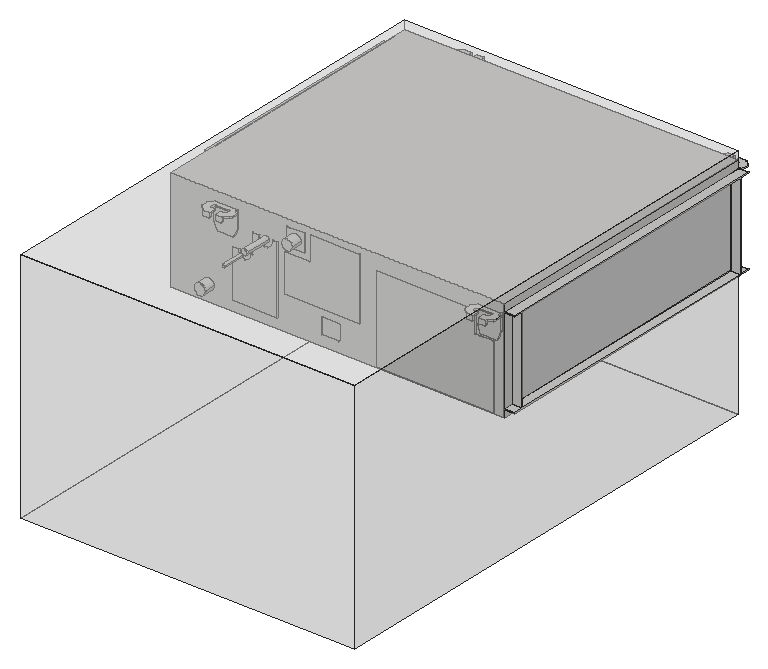
Revit family "outputfile", category 機械設備, Revit 2024
Family settings
  丸型コネクタ寸法 = 半径を使用
  パーツ タイプ = 標準
  OmniClass 番号 = 23.75.10.24.21.27.27
  OmniClass タイトル = Split System Air Conditioning Units
  作業面ベース = いいえ
  常に垂直 = はい
  ロード時にボイドで切り取り = いいえ
  注釈の向きを維持 = いいえ
  共有 = いいえ
  部屋計算ポイント = はい
Parameters (values of type "FXSA40AVM4")
  製造元 = "Daikin"
  書き出し IFC クラス(タイプ) = "IfcUnitaryEquipmentType"
  定義済み IFC タイプ(タイプ) = "AIRCONDITIONINGUNIT"
  モデル = "FXSA40AVM4"
  switch_frequency = yes
  r_Liquid Pipe Size = Liquid Pipe Size / 2  # 3.2 mm
  r_Gas Pipe Size = Gas Pipe Size / 2  # 6.35 mm
  r_Drain Pipe Size = Drain Pipe Size / 2  # 12.5 mm
  lw_power = 770.0 mm
  lh_SA = 138.0 mm
  lw_SA = if(Width = 550.0 mm, 225.0 mm, if(Width = 700.0 mm, 300.0 mm, if(Width = 1000.0 mm, 450.0 mm, if(Width = 1400.0 mm, 650.0 mm, 725.0 mm))))  # 300.0 mm
  lw_RA = if(Width = 550.0 mm, 275.0 mm, if(Width = 700.0 mm, 349.0 mm, if(Width = 1000.0 mm, 499.0 mm, if(Width = 1400.0 mm, 699.0 mm, 775.0 mm))))  # 349.0 mm
  lh_power = 60.0 mm + [h***]  # 60.0 mm
  lh_mountinghole1 = lh_mountinghole + [h***]  # 222.0 mm
  lh_RA = 123.0 mm
  ld_power = Width / 2  # 350.0 mm
  connector_voltage = Voltage_50Hz  # 220 V
  connector_powerinput = [Power Input (Cooling)]  # 0.101 kW
  connector_phase = Phase_50Hz  # 1
  Voltage_comment_60Hz = "220"
  Voltage_comment_50Hz = "220-240"
  Voltage_60Hz = 220 V
  Voltage_50Hz = 220 V
  Total Heating Capacity [instance] = 0.000 kW
  Supply Air Direction [instance] = yes
  Sound Power Level_H speed (dB) = 64
  Power Input (Heating) = 0.096 kW
  Phase_60Hz = 1
  Phase_50Hz = 1
  Nominal Heating Capacity = 5.000 kW
  Minimum External Static Pressure = 30.00 Pa
  Minimum Circuit Amps_60Hz = 1.5 A
  Minimum Circuit Amps_50Hz = 1.5 A
  Maximum Fuse Amps_60Hz = 16.0 A
  Maximum Fuse Amps_50Hz = 16.0 A
  Maximum External Static Pressure = 150.00 Pa
  Material_Casing = DAIKIN_GalvanizedSteel_Casing_indoorunit
  lw_mountinghole = 630.0 mm
  lh_gaspipe = 183.0 mm + [h***]  # 183.0 mm
  lh_mountinghole = 222.0 mm
  lh_liquidpipe = 136.0 mm + [h***]  # 136.0 mm
  lh_drainpipe = 207.0 mm + [h***]  # 207.0 mm
  lh_antena = Height - lh_mountinghole + 1.0 mm  # 24.0 mm
  ld_drainpipe = Width / 2 + 26.0 mm  # 376.0 mm
  ld_liquidpipe = 414.0 mm
  ld_gaspipe = Width / 2 + 65.0 mm  # 415.0 mm
  ld_mountinghole = Width + 38.0 mm  # 738.0 mm
  h*** = 0.0 mm
  lw_liquidpipe = 179.0 mm
  lw_gaspipe = 229.0 mm
  lw_drainpipe = 300.0 mm
  Width = 700.0 mm
  Version = "ver.1.0"
  Unit Type = "Duct_M.S.P."
  Unit Mass Weight = 27.00 kg
  Unit Designation [instance] = ""
  Uniclass2015Version = "Products v1.30"
  Uniclass2015Title = "Variable refrigerant flow units"
  Uniclass2015Code = "Pr_70_65_03_94"
  Total Cooling Capacity [instance] = 0.000 kW
  Sound Pressure Level_M speed (dBA) = 33
  Sound Pressure Level_L speed (dBA) = 30
  Sound Pressure Level_H speed (dBA) = 36
  Series = "VRV Fan Coil Unit"
  Sensible Cooling Capacity [instance] = 0.000 kW
  SA Duct Size Width = 492.0 mm
  SA Duct Size Height = 176.0 mm
  Refrigerant Type = "R32"
  RA Duct Size Width = 654.0 mm
  RA Duct Size Height = 208.0 mm
  Power Input (Cooling) = 0.101 kW
  Option Accessory 3 [instance] = ""
  Option Accessory 2 [instance] = ""
  Option Accessory 1 [instance] = ""
  Nominal Cooling Capacity = 4.500 kW
  Minimum Airflow = 630.00 m³/h
  Median Airflow = 750.00 m³/h
  Maximum Airflow = 900.00 m³/h
  Load Classification = HVAC
  Liquid Pipe Size = 6.4 mm
  Link_Nested Family [instance] = ""
  IfcVersion = ""
  IfcExportType = "AIRCONDITIONINGUNIT"
  IfcExportAs = "IfcUnitaryEquipmentType"
  Height = 245.0 mm
  Heating Entering Wet Bulb Temperature [instance] = -273.15 °C
  Heating Entering Dry Bulb Temperature [instance] = -273.15 °C
  Heating Ambient Wet Bulb Temperature [instance] = -273.15 °C
  Heating Ambient Dry Bulb Temperature [instance] = -273.15 °C
  Heat Exchanger Type = "Cross Fin Coil"
  Gas Pipe Size = 12.7 mm
  Frequency_60Hz = 60 Hz
  Frequency_50Hz = 50 Hz
  Fan Type = "Sirocco Fan"
  Fan Drive = "Direct Drive"
  FCU Tag No. [instance] = ""
  Drain Pipe Size = 25.0 mm
  Design Supply Airflow [instance] = 0.00 m³/h
  Design Return Airflow [instance] = 0.00 m³/h
  Design External Static Pressure [instance] = 0.00 Pa
  Depth = 800.0 mm
  既定の高さ = 0.0 mm
  Cooling Entering Wet Bulb Temperature [instance] = 0.00 °C
  Cooling Entering Dry Bulb Temperature [instance] = 0.00 °C
  Cooling Ambient Wet Bulb Temperature [instance] = 0.00 °C
  Cooling Ambient Dry Bulb Temperature [instance] = 0.00 °C
  Clearance visibility [instance] = yes
  Clearance Top = 20.0 mm
  Clearance Right = 0.0 mm
  Clearance Rear = 0.0 mm
  Clearance Left = 0.0 mm
  Clearance Front = 450.0 mm
  Clearance Bottom = 300.0 mm
Reference planes
  plane 1 "Center (Front/Back)": y = 0
  plane 2 "h": z = 0
  plane 3 "Center (Left/Right)": x = 0
  plane 4 "Back": y = 350
  plane 5 "Front": y = -350
  plane 6 "Left": x = -400
  plane 7 "Right": x = 400
  plane 8 "Top": z = 0
  plane 9 "Bottom": z = -245
  plane 10: y = -215
  plane 11: y = 350
  plane 12: y = -800
  plane 13: x = -400
  plane 14: x = 400
  plane 15: z = 20
  plane 16: z = -545
  plane 17: x = -400
  plane 18: x = -399
  plane 19: x = 399
  plane 20: y = 50
  plane 21: y = -1
  plane 22: z = -122
  plane 23: y = -351
  plane 24: z = -109
  plane 25: x = -221
  plane 26: y = -415
  plane 27: z = -62
  plane 28: x = -171
  plane 29: y = -376
  plane 30: z = -38
  plane 31: x = -100
  plane 32: x = -100
  plane 33: x = -221
  plane 34: x = -171
  plane 35: x = 370
  plane 36: x = -266
  plane 37: x = 364
  plane 38: y = -369
  plane 39: y = 369
  plane 40: z = -23
  plane 41: z = -107
  plane 42: y = -414
  plane 43: z = -207
  plane 44: x = -309
  plane 45: y = -376
  plane 46: x = -251
  plane 47: x = -203
  plane 48: x = -144
  plane 49: z = -59
  plane 50: z = -106
  plane 51: z = -221
  plane 52: z = -109
  plane 53: x = -221
  plane 54: z = -62
  plane 55: x = -171
  plane 56: z = -17
  plane 57: z = -59
  plane 58: x = -121
  plane 59: x = -79
  plane 60: x = -125
  plane 61: x = -64
  plane 62: x = 53
  plane 63: z = -164
  plane 64: z = -73
  plane 65: z = -16
  plane 66: x = 93.5
  plane 67: x = 374.5
  plane 68: x = 330
  plane 69: z = -88.5
  plane 70: z = -38
  plane 71: z = -242.5
  plane 72: x = -38.5
  plane 73: x = 6.5
  plane 74: z = -181
  plane 75: z = -221
  plane 76: y = -349
  plane 77: x = -424
  plane 78: x = 424
Forms (mm)
  Extrusion 1, solid, material "DAIKIN_GalvanizedSteel_Casing_indoorunit" <- "Material_Casing"
    sketch origin (0, 0, 0) x (1, 0, 0) y (0, 1, 0)
      loop
        line (-399, 350) -> (-399, -350) -> (399, -350) -> (399, 350) -> (-399, 350)
    from -245 to 0
  Extrusion 2, solid, material "DAIKIN_GalvanizedSteel_Casing_indoorunit" <- "Material_Casing"
    sketch origin (0, 0, 0) x (1, 0, 0) y (0, 0, 1)
      loop
        line (-251, -221) -> (-144, -221) -> (-144, -59) -> (-154.47, -59)
        arc (-154.47, -59) -> (-171, -78.8) -> (-187.53, -59) r 16.8
        line (-187.53, -59) -> (-203, -59) -> (-203, -106) -> (-206.916, -106)
        arc (-206.916, -106) -> (-221, -123.4) -> (-235.084, -106) r 14.4
        line (-235.084, -106) -> (-251, -106) -> (-251, -221)
    from 350 to 351
  Extrusion 3, solid, material "DAIKIN_GalvanizedSteel_Casing_indoorunit" <- "Material_Casing"
    sketch origin (0, 0, 0) x (1, 0, 0) y (0, 0, 1)
      loop
        line (-121, -17) -> (-121, -59) -> (-79, -59) -> (-79, -17) -> (-121, -17)
      loop
        line (-125, -73) -> (-125, -164) -> (53, -164) -> (53, -16) -> (-64, -16) -> (-64, -73) -> (-125, -73)
    from 350 to 351
  Extrusion 4, solid, material "DAIKIN_GalvanizedSteel_Casing_indoorunit" <- "Material_Casing"
    sketch origin (0, 0, 0) x (1, 0, 0) y (0, 0, 1)
      loop
        line (93.5, -38) -> (93.5, -242.5) -> (374.5, -242.5) -> (374.5, -88.5) -> (330, -88.5) -> (330, -38) -> (93.5, -38)
    from 350 to 351
  Extrusion 5, solid, material "DAIKIN_GalvanizedSteel_Casing_indoorunit" <- "Material_Casing"
    sketch origin (0, 0, 0) x (1, 0, 0) y (0, 0, 1)
      loop
        circle (-221, -109) r 3.2
    from 350 to 414
  Extrusion 6, solid, material "DAIKIN_GalvanizedSteel_Casing_indoorunit" <- "Material_Casing"
    sketch origin (0, 0, 0) x (1, 0, 0) y (0, 0, 1)
      loop
        circle (-171, -62) r 6.35
    from 350 to 415
  Extrusion 7, solid, material "DAIKIN_GalvanizedSteel_Casing_indoorunit" <- "Material_Casing"
    sketch origin (0, 0, 0) x (1, 0, 0) y (0, 0, 1)
      loop
        circle (-100, -38) r 12.5
    from 351 to 376
  Extrusion 8, solid, material "DAIKIN_GalvanizedSteel_Casing_indoorunit" <- "Material_Casing"
    sketch origin (0, 0, 0) x (1, 0, 0) y (0, 0, 1)
      loop
        circle (-309, -207) r 13
    from 350 to 376
  Extrusion 9, void
    sketch origin (0, 0, 0) x (1, 0, 0) y (0, 0, 1)
      loop
        line (-38.5, -181) -> (-38.5, -221) -> (6.5, -221) -> (6.5, -181) -> (-38.5, -181)
    from 349 to 350
Cuts and joins
  Extrusion 9 cuts Extrusion 1
Dimensions and locks
  "Height": plane 8 "Top" to plane 9 "Bottom"
  equal spacing: plane 4 "Back", plane 1 "Center (Front/Back)", plane 5 "Front"
  "Width": plane 4 "Back" to plane 5 "Front"
  equal spacing: plane 6 "Left", plane 3 "Center (Left/Right)", plane 7 "Right"
  "Depth": plane 6 "Left" to plane 7 "Right"
  "Clearance Left": plane 13 to plane 6 "Left"
  "Clearance Right": plane 7 "Right" to plane 14
  "Clearance Rear": plane 11 to plane 4 "Back"
  "Clearance Front": plane 5 "Front" to plane 12
  "Clearance Top": plane 15 to plane 8 "Top"
  "Clearance Bottom": plane 9 "Bottom" to plane 16
  locked: plane 17 to plane 18 at 1
  locked: plane 19 to plane 14 at 1
  "lw_SA": plane 11 to plane 20
  "lw_RA": plane 21 to plane 5 "Front"
  "lh_RA": plane 22 to plane 9 "Bottom"
  locked: plane 5 "Front" to plane 23 at 1
  "lw_liquidpipe": plane 25 to plane 6 "Left"
  "lh_liquidpipe": plane 24 to plane 9 "Bottom"
  "lh_gaspipe": plane 27 to plane 9 "Bottom"
  "lw_gaspipe": plane 28 to plane 6 "Left"
  "ld_gaspipe": plane 26 to plane 1 "Center (Front/Back)"
  "ld_drainpipe": plane 29 to plane 1 "Center (Front/Back)"
  "lh_drainpipe": plane 30 to plane 9 "Bottom"
  "lw_drainpipe": plane 31 to plane 6 "Left"
  "lw_drainpipe": plane 6 "Left" to plane 32
  "lw_liquidpipe": plane 6 "Left" to plane 33
  "lw_gaspipe": plane 6 "Left" to plane 34
  "lw_power": plane 6 "Left" to plane 35
  locked: plane 17 to plane 36 at 134
  "lw_mountinghole": plane 36 to plane 37
  equal spacing: plane 38, plane 1 "Center (Front/Back)", plane 39
  "ld_mountinghole": plane 39 to plane 38
  "lh_mountinghole": plane 40 to plane 9 "Bottom"
  "lh_SA": plane 41 to plane 9 "Bottom"
  locked: plane 44 to plane 6 "Left" at 91
  locked: plane 43 to plane 9 "Bottom" at 38
  plane 48 to plane 47 to plane 46 to plane 6 "Left" = 59.0 mm, 48.0 mm, 149.0 mm
  plane 8 "Top" to plane 49 to plane 50 to plane 51 = 59.0 mm locked, 47.0 mm locked, 115.0 mm locked
  plane 55 to plane 53 to plane 6 "Left" = 50.0 mm locked, 179.0 mm locked
  plane 54 to plane 52 to plane 9 "Bottom" = 47.0 mm locked, 136.0 mm locked
  plane 59 to plane 58 to plane 6 "Left" = 42.0 mm locked, 279.0 mm locked
  plane 8 "Top" to plane 56 to plane 57 = 17.0 mm locked, 42.0 mm locked
  plane 62 to plane 61 to plane 60 to plane 6 "Left" = 117.0 mm, 61.0 mm, 275.0 mm
  plane 8 "Top" to plane 65 to plane 64 = 16.0 mm locked, 57.0 mm locked
  locked: plane 65 to plane 63 at 148
  plane 8 "Top" to plane 70 to plane 69 to plane 71 = 38.0 mm locked, 50.5 mm locked, 154.0 mm locked
  plane 67 to plane 68 to plane 66 to plane 6 "Left" = 44.5 mm locked, 236.5 mm locked, 493.5 mm locked
  plane 8 "Top" to plane 74 to plane 75 = 181.0 mm locked, 40.0 mm locked
  plane 73 to plane 72 to plane 6 "Left" = 45.0 mm, 361.5 mm
  locked: plane 76 to plane 5 "Front" at 1
  locked: plane 77 to plane 17 at 24
  locked: plane 14 to plane 78 at 24
  "ld_liquidpipe": plane 42 to plane 1 "Center (Front/Back)"
  "r_Liquid Pipe Size": radius of Extrusion 5 sketch curve
  "r_Gas Pipe Size": radius of Extrusion 6 sketch curve
  "r_Drain Pipe Size": radius of Extrusion 7 sketch curve
  aligned and locked: level to plane 2 "h"
  aligned and locked: plane 8 "Top" to Extrusion 1
  aligned and locked: Extrusion 1 to plane 9 "Bottom"
  aligned and locked: nested 5 to plane 12
  aligned and locked: plane 13 to nested 5
  aligned and locked: plane 14 to nested 5
  aligned and locked: nested 5 to plane 13
  aligned and locked: plane 11 to nested 5
  aligned and locked: plane 15 to nested 5
  aligned and locked: plane 16 to nested 5
  aligned and locked: plane 5 "Front" to Extrusion 1 sketch curve
  aligned and locked: Extrusion 1 to plane 18
  aligned and locked: plane 19 to Extrusion 1
  aligned and locked: nested 7 to plane 18
  aligned and locked: nested 7 to plane 20
  aligned and locked: plane 19 to nested 8
  aligned and locked: plane 21 to nested 8
  aligned and locked: plane 22 to nested 8
  aligned and locked: Extrusion 2 to plane 23
  aligned and locked: plane 5 "Front" to Extrusion 2
  aligned and locked: Extrusion 3 to plane 23
  aligned and locked: plane 5 "Front" to Extrusion 3
  aligned and locked: plane 5 "Front" to Extrusion 4
  aligned and locked: Extrusion 5 sketch curve to plane 25
  aligned and locked: plane 24 to Extrusion 5 sketch curve
  aligned and locked: plane 5 "Front" to Extrusion 5
  aligned and locked: Extrusion 6 sketch curve to plane 28
  aligned and locked: plane 27 to Extrusion 6 sketch curve
  aligned and locked: plane 5 "Front" to Extrusion 6
  aligned and locked: Extrusion 7 sketch curve to plane 31
  aligned and locked: Extrusion 7 sketch curve to plane 30
  aligned and locked: Extrusion 7 to plane 29
  aligned and locked: plane 23 to Extrusion 7
  aligned and locked: nested 3 to plane 29
  aligned and locked: plane 32 to nested 3
  aligned and locked: nested 2 to plane 33
  aligned and locked: nested 1 to plane 34
  aligned and locked: Extrusion 6 to plane 26
  aligned and locked: nested 1 to plane 26
  aligned and locked: nested 6 to plane 5 "Front"
  aligned and locked: nested 6 to plane 35
  aligned and locked: plane 36 to nested 10
  aligned and locked: nested 10 to plane 5 "Front"
  aligned and locked: plane 37 to nested 9
  aligned and locked: nested 9 to plane 5 "Front"
  aligned and locked: nested 11 to plane 36
  aligned and locked: plane 4 "Back" to nested 11
  aligned and locked: nested 12 to plane 37
  aligned and locked: plane 4 "Back" to nested 12
  aligned and locked: plane 40 to nested 10
  aligned and locked: plane 40 to nested 11
  aligned and locked: plane 40 to nested 9
  aligned and locked: plane 40 to nested 12
  aligned and locked: plane 36 to nested 14
  aligned and locked: nested 14 to plane 39
  aligned and locked: plane 37 to nested 13
  aligned and locked: nested 13 to plane 39
  aligned and locked: plane 37 to nested 16
  aligned and locked: plane 38 to nested 16
  aligned and locked: plane 38 to nested 15
  aligned and locked: plane 36 to nested 15
  aligned and locked: plane 17 to plane 6 "Left"
  aligned and locked: plane 41 to nested 7
  aligned and locked: Extrusion 5 to plane 42
  aligned and locked: nested 2 to plane 42
  aligned and locked: Extrusion 8 sketch curve to plane 44
  aligned and locked: plane 43 to Extrusion 8 sketch curve
  aligned and locked: plane 5 "Front" to Extrusion 8
  aligned and locked: Extrusion 3 sketch curve to plane 56
  aligned and locked: Extrusion 3 sketch curve to plane 58
  aligned and locked: plane 57 to Extrusion 3 sketch curve
  aligned and locked: plane 59 to Extrusion 3 sketch curve
  aligned and locked: Extrusion 4 to plane 23
  aligned and locked: Extrusion 9 sketch curve to plane 74
  aligned and locked: plane 75 to Extrusion 9 sketch curve
  aligned and locked: plane 73 to Extrusion 9 sketch curve
  aligned and locked: plane 5 "Front" to Extrusion 9
  aligned and locked: plane 76 to Extrusion 9
  aligned and locked: nested 17 to plane 20
  aligned and locked: nested 17 to plane 77
  aligned and locked: plane 21 to nested 18
  aligned and locked: plane 78 to nested 18
  aligned and locked: plane 41 to nested 17
  aligned and locked: nested 18 to plane 22
  aligned and locked: nested 4 to plane 3 "Center (Left/Right)"
  aligned and locked: plane 1 "Center (Front/Back)" to nested 4
  aligned and locked: level to plane 8 "Top"
  aligned and locked: Extrusion 8 to plane 29
Automatic sketch dimensions
  plane 6 "Left" to Extrusion 1 sketch curve = 1.0 mm
  Extrusion 1 sketch curve to plane 7 "Right" = 1.0 mm
  Extrusion 1 sketch curve to plane 4 "Back" = 0.0 mm
  Extrusion 2 sketch curve to plane 46 = 0.0 mm
  Extrusion 2 sketch curve to plane 33 = 0.0 mm
  Extrusion 2 sketch curve to plane 47 = 0.0 mm
  Extrusion 2 sketch curve to plane 34 = 0.0 mm
  Extrusion 2 sketch curve to plane 48 = 0.0 mm
  Extrusion 2 sketch curve to plane 51 = 0.0 mm
  Extrusion 2 sketch curve to plane 52 = 0.0 mm
  Extrusion 2 sketch curve to plane 50 = 0.0 mm  (x3)
  Extrusion 2 sketch curve to plane 54 = 0.0 mm
  Extrusion 2 sketch curve to plane 49 = 0.0 mm  (x3)
  plane 33 to Extrusion 2 sketch curve = 14.084 mm
  plane 34 to Extrusion 2 sketch curve = 16.53 mm
  Extrusion 3 sketch curve to plane 60 = 0.0 mm
  Extrusion 3 sketch curve to plane 61 = 0.0 mm
  Extrusion 3 sketch curve to plane 62 = 0.0 mm
  Extrusion 3 sketch curve to plane 63 = 0.0 mm
  Extrusion 3 sketch curve to plane 64 = 0.0 mm
  Extrusion 3 sketch curve to plane 65 = 0.0 mm
  Extrusion 4 sketch curve to plane 66 = 0.0 mm
  Extrusion 4 sketch curve to plane 68 = 0.0 mm
  Extrusion 4 sketch curve to plane 67 = 0.0 mm
  Extrusion 4 sketch curve to plane 71 = 0.0 mm
  Extrusion 4 sketch curve to plane 69 = 0.0 mm
  Extrusion 4 sketch curve to plane 70 = 0.0 mm
  Extrusion 9 sketch curve to plane 72 = 0.0 mm
  radius of Extrusion 8 sketch curve = 13.0 mm
Nested families
  nested 1: "daikin_connector_rotate2" at (-171, 0, -62), length <- "ld_gaspipe", built-in parameter 1001364 <- "lh_gaspipe", radius <- "r_Gas Pipe Size", type "daikin_connector_rotate2"
    with radius 6.35 mm, length 415.0 mm, angle_vertical 90.00°
  nested 2: "daikin_connector_rotate2" at (-221, 0, -109), length <- "ld_liquidpipe", built-in parameter 1001364 <- "lh_liquidpipe", radius <- "r_Liquid Pipe Size", type "daikin_connector_rotate2"
    with radius 3.2 mm, length 414.0 mm, angle_vertical 90.00°
  nested 3: "daikin_connector_rotate2" at (-100, 0, -38), length <- "ld_drainpipe", built-in parameter 1001364 <- "lh_drainpipe", radius <- "r_Drain Pipe Size", type "daikin_connector_rotate2"
    with radius 12.5 mm, length 376.0 mm, angle_vertical 90.00°
  nested 4: "daikin_△_symbolicline" at (0, 0, 245) x (0, -1, 0) z (0, 0, 1), built-in parameter 1001364 <- "Height", visible <- "Supply Air Direction", type "daikin_△_symbolicline"
    with length 200.0 mm
  nested 5: "daikin_clearancespace" at (0, -225, -262.381), visible <- "Clearance visibility", show <- "Clearance visibility", Link_Nested Family <- "Link_Nested Family", type "daikin_clearancespace"
    with width 800.0 mm, show yes, height 565.0 mm, depth 1150.0 mm, Link_Nested Family ""
  nested 6: "daikin_connector_rotate2" at (370, 0, -185), built-in parameter 1001364 <- "lh_power", length <- "ld_power", type "daikin_connector_rotate2"
    with radius 10.0 mm, length 350.0 mm, angle_vertical 90.00°
  nested 7: "daikin_ductflange_FXFSA-AVM4_2" at (-399, 50, -107) x (0, -1, 0) z (0, 0, 1), type "daikin_ductflange_FXFSA-AV4_2"
  nested 8: "daikin_ductflange_FXFSA-AVM4" at (399, -1, -122) x (0, 1, 0) z (0, 0, 1), type "daikin_ductflange_FXFSA-AVM4"
  nested 9: "FXFSA-AVM4" at (364, -350, -23), type "daikin_hangerfixture_FXSA-AVM4"
  nested 10: "FXFSA-AVM4" at (-266, -350, -23), type "daikin_hangerfixture_FXSA-AVM4"
  nested 11: "FXFSA-AVM4" at (-266, 350, -23) x (-1, 0, 0) z (0, 0, 1), type "daikin_hangerfixture_FXSA-AVM4"
  nested 12: "FXFSA-AVM4" at (364, 350, -23) x (-1, 0, 0) z (0, 0, 1), type "daikin_hangerfixture_FXSA-AVM4"
  nested 13: "daikin_mountinghole" at (364, 369, -245), h_mountinghole <- "lh_mountinghole1", l_antenna <- "lh_antena", Link_Nested Family <- "Link_Nested Family", type "daikin_mountinghole"
    with show yes, l_antenna 24.0 mm, h_mountinghole 222.0 mm, Link_Nested Family ""
  nested 14: "daikin_mountinghole" at (-266, 369, -245), h_mountinghole <- "lh_mountinghole1", l_antenna <- "lh_antena", Link_Nested Family <- "Link_Nested Family", type "daikin_mountinghole"
    with show yes, l_antenna 24.0 mm, h_mountinghole 222.0 mm, Link_Nested Family ""
  nested 15: "daikin_mountinghole" at (-266, -369, -245), h_mountinghole <- "lh_mountinghole1", l_antenna <- "lh_antena", Link_Nested Family <- "Link_Nested Family", type "daikin_mountinghole"
    with show yes, l_antenna 24.0 mm, h_mountinghole 222.0 mm, Link_Nested Family ""
  nested 16: "daikin_mountinghole" at (364, -369, -245), h_mountinghole <- "lh_mountinghole1", l_antenna <- "lh_antena", Link_Nested Family <- "Link_Nested Family", type "daikin_mountinghole"
    with show yes, l_antenna 24.0 mm, h_mountinghole 222.0 mm, Link_Nested Family ""
  nested 17: "daikin_connector_rotate2" at (-400, 50, -107) x (0, -1, 0) z (0, 0, 1), type "daikin_connector_rotate2"
    with radius 10.0 mm, length 24.0 mm, angle_vertical 90.00°
  nested 18: "daikin_connector_rotate2" at (400, -1, -122) x (0, 1, 0) z (0, 0, 1), type "daikin_connector_rotate2"
    with radius 10.0 mm, length 24.0 mm, angle_vertical 90.00°
Connectors
  piping at (-100, -376, -38), diameter 25, driven by "r_Drain Pipe Size"
    settings: on nested 3, index 3, connector inside diameter 609.6 mm, connector length 0.0 mm, flow factor 0, pipe flow 0.00 m³/h, pressure drop 0.0 Pa, fitting loss kfactor 0, connector angle 0.00°, fixture units 0, engagement length 0.0 mm, angle of deflection 0.00°, flow configuration 1, flow direction 2, fitting loss method 4, system type 16, joint type 0, gender type 0, connector reference index -1, connector utility 0, adjustable connector no, is connector primary yes, connector description "Condensate Drain Piping"
  piping at (-171, -415, -62), diameter 12.7, driven by "r_Gas Pipe Size"
    settings: on nested 1, index 4, connector inside diameter 609.6 mm, connector length 0.0 mm, flow factor 0, pipe flow 0.00 m³/h, pressure drop 0.0 Pa, fitting loss kfactor 0, connector angle 0.00°, fixture units 0, engagement length 0.0 mm, angle of deflection 0.00°, flow configuration 1, flow direction 2, fitting loss method 0, system type 29, joint type 0, gender type 0, connector reference index -1, connector utility 0, adjustable connector no, is connector primary no, connector description "Refrigerant Gas Piping"
  piping at (-221, -414, -109), diameter 6.4, driven by "r_Liquid Pipe Size"
    settings: on nested 2, index 5, connector inside diameter 609.6 mm, connector length 0.0 mm, flow factor 0, pipe flow 0.00 m³/h, pressure drop 0.0 Pa, fitting loss kfactor 0, connector angle 0.00°, fixture units 0, engagement length 0.0 mm, angle of deflection 0.00°, flow configuration 1, flow direction 1, fitting loss method 0, system type 29, joint type 0, gender type 0, connector reference index -1, connector utility 0, adjustable connector no, is connector primary no, connector description "Refrigerant Liquid Piping"
  electrical at (370, -350, -185), driven by "Load Classification", driven by "connector_voltage", driven by "connector_phase", driven by "connector_powerinput"
    settings: on nested 6, index 6, voltage 220 V, apparent load 101 VA, apparent load phase1 0 VA, apparent load phase2 0 VA, apparent load phase3 0 VA, power factor 1, load classification "HVAC", number of poles 1, system type 30, power factor state 1, is connector primary yes, connector utility no, sub classification motor no, connector description "Power Supply"
  hvac at (-424, 50, -107), driven by "SA Duct Size Height", driven by "SA Duct Size Width"
    settings: on nested 17, index 7, duct flow 0.00 m³/h, flow factor 0, pres drop 0.00 Pa, loss coef 0, conn angle 0.00°, conn width 492.0 mm, conn height 176.0 mm, conn diameter 609.6 mm, duct sys type 1, conn prof type 1, flow config 0, flow direction 2, loss method 4, conn ref index -1, conn util no, is conn primary yes, conn desc "SA Duct"
  hvac at (424, -1, -122), driven by "RA Duct Size Height", driven by "RA Duct Size Width"
    settings: on nested 18, index 8, duct flow 0.00 m³/h, flow factor 0, pres drop 0.00 Pa, loss coef 0, conn angle 0.00°, conn width 654.0 mm, conn height 208.0 mm, conn diameter 609.6 mm, duct sys type 2, conn prof type 1, flow config 0, flow direction 1, loss method 4, conn ref index -1, conn util no, is conn primary no, conn desc "RA Duct"
Definition of nested family "daikin_clearancespace"
  Parameters (values of type "daikin_clearancespace")
    Description = "daikin_clearancespace"
    width [instance] = 1823.963 mm
    show [instance] = yes
    material = none
    height [instance] = 1359.762 mm
    depth [instance] = 880.0 mm
    Default Elevation = 0.0 mm
    Link_Nested Family [instance] = ""
  Reference planes
    plane 1 "Center (Front/Back)": y = 0
    plane 2 "Center (Elevation)": z = -0.119
    plane 3 "Center (Left/Right)": x = 0
    plane 4: y = 440
    plane 5: y = -440
    plane 6 "Right": x = 911.982
    plane 7 "Left": x = -911.982
    plane 8 "Top": z = 679.762
    plane 9 "Bottom": z = -680
  Forms (mm)
    Extrusion 1, solid, material <- "material", visible <- "show"
      sketch origin (0, 0, 0) x (1, 0, 0) y (0, 1, 0)
        loop
          line (-911.982, 440) -> (-911.982, -440) -> (911.982, -440) -> (911.982, 440) -> (-911.982, 440)
      from -680 to 679.762
  Lines and regions (mm)
    symbolic lines, visible <- "show"
      curve 1: line (911.982, 440, 0) -> (-911.982, 440, 0)
      curve 2: line (-911.982, 440, 0) -> (-911.982, -440, 0)
      curve 3: line (-911.982, -440, 0) -> (911.982, -440, 0)
      curve 4: line (911.982, -440, 0) -> (911.982, 440, 0)
      curve 5: line (911.982, 0, 679.762) -> (-911.982, 0, 679.762)
      curve 6: line (911.982, 0, -680) -> (911.982, 0, 679.762)
      curve 7: line (-911.982, 0, -680) -> (911.982, 0, -680)
      curve 8: line (-911.982, 0, 679.762) -> (-911.982, 0, -680)
      curve 9: line (0, 440, 679.762) -> (0, -440, 679.762)
      curve 10: line (0, -440, 679.762) -> (0, -440, -680)
      curve 11: line (0, 440, -680) -> (0, 440, 679.762)
      curve 12: line (0, -440, -680) -> (0, 440, -680)
  Dimensions and locks
    "width": plane 7 "Left" to plane 6 "Right"
    "depth": plane 4 to plane 5
    "height": plane 8 "Top" to plane 9 "Bottom"
    equal spacing: plane 7 "Left", plane 3 "Center (Left/Right)", plane 6 "Right"
    equal spacing: plane 4, plane 1 "Center (Front/Back)", plane 5
    equal spacing: plane 8 "Top", plane 2 "Center (Elevation)", plane 9 "Bottom"
    aligned and locked: level to plane 2 "Center (Elevation)"
    aligned and locked: Extrusion 1 sketch curve to plane 4
    aligned and locked: plane 7 "Left" to Extrusion 1 sketch curve
    aligned and locked: Extrusion 1 sketch curve to plane 5
    aligned and locked: Extrusion 1 sketch curve to plane 6 "Right"
    aligned and locked: plane 8 "Top" to Extrusion 1
    aligned and locked: curve 1 to Extrusion 1
    aligned and locked: curve 2 to Extrusion 1
    aligned and locked: curve 3 to Extrusion 1
    aligned and locked: curve 4 to Extrusion 1
    aligned and locked: curve 5 to Extrusion 1
    aligned and locked: curve 6 to Extrusion 1
    aligned and locked: curve 7 to Extrusion 1
    aligned and locked: curve 8 to Extrusion 1
    aligned and locked: curve 9 to Extrusion 1
    aligned and locked: curve 10 to Extrusion 1
    aligned and locked: curve 11 to Extrusion 1
    aligned and locked: curve 12 to Extrusion 1
    aligned and locked: Extrusion 1 to plane 9 "Bottom"
Definition of nested family "daikin_ductflange_FXFSA-AVM4_2"
  Parameters (values of type "daikin_ductflange_FBA-BVMA2")
    width = if(w = 550.0 mm, 337.0 mm, if(w = 700.0 mm, 492.0 mm, if(w = 1000.0 mm, 792.0 mm, if(w = 1400.0 mm, 1192.0 mm, 1337.0 mm))))  # 492.0 mm
    w1 = if(w = 550.0 mm, 24.0 mm, if(w = 700.0 mm, 21.5 mm, if(w = 1000.0 mm, 21.5 mm, if(w = 1400.0 mm, 21.5 mm, 24.0 mm))))  # 21.5 mm
    material = none
    height = 215.0 mm
    depth = 1.0 mm
    w = 700.0 mm
    Default Elevation = 0.0 mm
  Reference planes
    plane 1 "Center (Front/Back)": y = 0
    plane 2: z = 0
    plane 3 "Center (Left/Right)": x = 0
    plane 4: z = 88
    plane 5: z = -88
    plane 6: y = -25
    plane 7: z = 106
    plane 8: z = 89
    plane 9: y = -1
    plane 10: x = -267.5
    plane 11: x = 267.5
    plane 12: z = -106
    plane 13: z = -89
    plane 14: y = -1
    plane 15: x = 246
    plane 16: x = -246
    plane 17: x = 247
    plane 18: z = 87
    plane 19: z = -87
    plane 20: x = -247
    plane 21: z = 87
    plane 22: z = -87
    plane 23: y = -1
  Forms (mm)
    Extrusion 1, solid, material <- "material"
      sketch origin (0, 0, 0) x (0, 1, 0) y (0, 0, 1)
        loop
          line (-25, 88) -> (0, 88) -> (0, 106) -> (-1, 106) -> (-1, 89) -> (-25, 89) -> (-25, 88)
      from -267.5 to 267.5
    Extrusion 2, solid, material <- "material"
      sketch origin (0, 0, 0) x (0, 1, 0) y (0, 0, 1)
        loop
          line (-25, -88) -> (-25, -89) -> (-1, -89) -> (-1, -106) -> (0, -106) -> (0, -88) -> (-25, -88)
      from -267.5 to 267.5
    Extrusion 3, solid, material <- "material"
      sketch origin (0, 0, 0) x (1, 0, 0) y (0, 0, 1)
        loop
          line (246, 88) -> (246, -88) -> (267.5, -88) -> (267.5, -87) -> (247, -87) -> (247, 87) -> (267.5, 87) -> (267.5, 88) -> (246, 88)
      from 0 to 25
    Extrusion 4, solid, material <- "material"
      sketch origin (0, 0, 0) x (1, 0, 0) y (0, 0, 1)
        loop
          line (-267.5, 88) -> (-267.5, 87) -> (-247, 87) -> (-247, -87) -> (-267.5, -87) -> (-267.5, -88) -> (-246, -88) -> (-246, 88) -> (-267.5, 88)
      from 0 to 25
    Extrusion 5, solid, material <- "material"
      sketch origin (0, 0, 0) x (1, 0, 0) y (0, 0, 1)
        loop
          line (-267.5, 88) -> (-267.5, -88) -> (-246, -88) -> (-246, 88) -> (-267.5, 88)
        loop
          line (267.5, 88) -> (246, 88) -> (246, -88) -> (267.5, -88) -> (267.5, 88)
      from 0 to 1
  Cuts and joins
    joined: Extrusion 1, Extrusion 2, Extrusion 3, Extrusion 4, Extrusion 5
  Dimensions and locks
    plane 4 to level to plane 5 = 88.0 mm, 88.0 mm
    locked: plane 6 to plane 1 "Center (Front/Back)" at 25
    locked: plane 9 to plane 1 "Center (Front/Back)" at 1
    locked: plane 8 to plane 4 at 1
    "w1": plane 16 to plane 10
    locked: plane 17 to plane 15 at 1
    locked: plane 4 to plane 18 at 1
    locked: plane 19 to plane 5 at 1
    "width": plane 15 to plane 16
    plane 4 to plane 5 = 176.0 mm
    locked: plane 16 to plane 20 at 1
    locked: plane 4 to plane 21 at 1
    locked: plane 22 to plane 5 at 1
    locked: plane 23 to plane 1 "Center (Front/Back)" at 1
    plane 4 to level to plane 5 = 88.0 mm locked, 88.0 mm locked
    locked: plane 5 to plane 13 at 1
    locked: plane 5 to plane 12 at 18
    locked: plane 7 to plane 4 at 18
    equal spacing: plane 15, plane 3 "Center (Left/Right)", plane 16
    "w1": plane 11 to plane 15
    plane 11 to plane 10 = 535.0 mm
    aligned and locked: level to plane 2
    aligned and locked: Extrusion 1 to plane 10
    aligned and locked: plane 11 to Extrusion 1
    aligned and locked: plane 5 to Extrusion 2
    aligned and locked: Extrusion 2 to plane 1 "Center (Front/Back)"
    aligned and locked: plane 15 to Extrusion 3 sketch curve
    aligned and locked: Extrusion 3 sketch curve to Extrusion 2  (x2)
    aligned and locked: Extrusion 3 sketch curve to plane 11
    aligned and locked: plane 6 to Extrusion 3
    aligned and locked: Extrusion 2 to plane 10
    aligned and locked: plane 11 to Extrusion 2
    aligned and locked: Extrusion 4 sketch curve to Extrusion 1  (x2)
    aligned and locked: plane 5 to Extrusion 4 sketch curve
    aligned and locked: Extrusion 4 sketch curve to plane 16
    aligned and locked: Extrusion 4 sketch curve to plane 22
    aligned and locked: plane 20 to Extrusion 4 sketch curve
    aligned and locked: plane 21 to Extrusion 4 sketch curve
    aligned and locked: Extrusion 4 to plane 1 "Center (Front/Back)"
    aligned and locked: plane 6 to Extrusion 4
    aligned and locked: Extrusion 5 sketch curve to Extrusion 1  (x4)
    aligned and locked: Extrusion 5 sketch curve to Extrusion 4  (x2)
    aligned and locked: Extrusion 5 sketch curve to Extrusion 3  (x2)
    aligned and locked: Extrusion 5 to plane 1 "Center (Front/Back)"
    aligned and locked: plane 23 to Extrusion 5
  Automatic sketch dimensions
    Extrusion 1 sketch curve to plane 6 = 0.0 mm
    Extrusion 1 sketch curve to plane 7 = 0.0 mm
    Extrusion 1 sketch curve to plane 9 = 0.0 mm
    Extrusion 1 sketch curve to plane 1 "Center (Front/Back)" = 0.0 mm
    Extrusion 1 sketch curve to plane 4 = 0.0 mm
    Extrusion 1 sketch curve to plane 8 = 0.0 mm
    Extrusion 2 sketch curve to plane 6 = 0.0 mm
    plane 12 to Extrusion 2 sketch curve = 0.0 mm
    Extrusion 2 sketch curve to plane 14 = 0.0 mm
    Extrusion 2 sketch curve to plane 1 "Center (Front/Back)" = 0.0 mm
    plane 13 to Extrusion 2 sketch curve = 0.0 mm
    Extrusion 2 sketch curve to plane 5 = 0.0 mm
    Extrusion 3 sketch curve to plane 17 = 0.0 mm
    Extrusion 3 sketch curve to plane 19 = 0.0 mm
    Extrusion 3 sketch curve to plane 18 = 0.0 mm
    Extrusion 3 sketch curve to plane 4 = 0.0 mm
    Extrusion 4 sketch curve to plane 10 = 0.0 mm
Definition of nested family "daikin_ductflange_FXFSA-AVM4"
  Parameters (values of type "daikin_ductflange_FBFC-DVMG")
    width = if(w = 550.0 mm, 502.0 mm, if(w = 700.0 mm, 654.0 mm, if(w = 1000.0 mm, 952.0 mm, if(w = 1400.0 mm, 1352.0 mm, 1502.0 mm))))  # 654.0 mm
    material = none
    lw = if(width = 654.0 mm, 23.0 mm, 25.0 mm)  # 23.0 mm
    height = 208.0 mm
    depth = 1.0 mm
    w = 700.0 mm
    Default Elevation = 0.0 mm
  Reference planes
    plane 1 "Center (Front/Back)": y = 0
    plane 2: z = 0
    plane 3 "Center (Left/Right)": x = 0
    plane 4: z = 104
    plane 5: z = -104
    plane 6: y = -25
    plane 7: z = 121
    plane 8: z = 105
    plane 9: y = -1
    plane 10: x = -350
    plane 11: x = 350
    plane 12: z = -122
    plane 13: z = -105
    plane 14: y = -1
    plane 15: x = 327
    plane 16: x = -327
    plane 17: x = 328
    plane 18: z = 103
    plane 19: z = -103
    plane 20: x = -328
    plane 21: z = 103
    plane 22: z = -103
    plane 23: y = -1
  Forms (mm)
    Extrusion 1, solid, material <- "material"
      sketch origin (0, 0, 0) x (0, 1, 0) y (0, 0, 1)
        loop
          line (-25, 104) -> (0, 104) -> (0, 121) -> (-1, 121) -> (-1, 105) -> (-25, 105) -> (-25, 104)
      from -350 to 350
    Extrusion 2, solid, material <- "material"
      sketch origin (0, 0, 0) x (0, 1, 0) y (0, 0, 1)
        loop
          line (-25, -104) -> (-25, -105) -> (-1, -105) -> (-1, -122) -> (0, -122) -> (0, -104) -> (-25, -104)
      from -350 to 350
    Extrusion 3, solid, material <- "material"
      sketch origin (0, 0, 0) x (1, 0, 0) y (0, 0, 1)
        loop
          line (327, 104) -> (327, -104) -> (350, -104) -> (350, -103) -> (328, -103) -> (328, 103) -> (350, 103) -> (350, 104) -> (327, 104)
      from 0 to 25
    Extrusion 4, solid, material <- "material"
      sketch origin (0, 0, 0) x (1, 0, 0) y (0, 0, 1)
        loop
          line (-350, 104) -> (-350, 103) -> (-328, 103) -> (-328, -103) -> (-350, -103) -> (-350, -104) -> (-327, -104) -> (-327, 104) -> (-350, 104)
      from 0 to 25
    Extrusion 5, solid, material <- "material"
      sketch origin (0, 0, 0) x (1, 0, 0) y (0, 0, 1)
        loop
          line (-350, 104) -> (-350, -104) -> (-327, -104) -> (-327, 104) -> (-350, 104)
        loop
          line (350, 104) -> (327, 104) -> (327, -104) -> (350, -104) -> (350, 104)
      from 0 to 1
  Cuts and joins
    joined: Extrusion 1, Extrusion 2, Extrusion 3, Extrusion 4, Extrusion 5
  Dimensions and locks
    plane 4 to level to plane 5 = 104.0 mm, 104.0 mm
    locked: plane 6 to plane 1 "Center (Front/Back)" at 25
    locked: plane 9 to plane 1 "Center (Front/Back)" at 1
    locked: plane 8 to plane 4 at 1
    "lw": plane 11 to plane 15
    "lw": plane 16 to plane 10
    locked: plane 17 to plane 15 at 1
    locked: plane 4 to plane 18 at 1
    locked: plane 19 to plane 5 at 1
    "width": plane 15 to plane 16
    equal spacing: plane 15, plane 3 "Center (Left/Right)", plane 16
    locked: plane 16 to plane 20 at 1
    locked: plane 4 to plane 21 at 1
    locked: plane 22 to plane 5 at 1
    locked: plane 23 to plane 1 "Center (Front/Back)" at 1
    locked: plane 7 to plane 4 at 17
    locked: plane 1 "Center (Front/Back)" to plane 14 at 1
    locked: plane 5 to plane 13 at 1
    "height": plane 4 to plane 5
    plane 11 to plane 10 = 700.0 mm
    locked: plane 12 to plane 13 at 17
    equal spacing: plane 4, level, plane 5
    aligned and locked: level to plane 2
    aligned and locked: Extrusion 1 to plane 10
    aligned and locked: plane 11 to Extrusion 1
    aligned and locked: plane 5 to Extrusion 2
    aligned and locked: Extrusion 2 to plane 1 "Center (Front/Back)"
    aligned and locked: plane 15 to Extrusion 3 sketch curve
    aligned and locked: Extrusion 3 sketch curve to Extrusion 2  (x2)
    aligned and locked: Extrusion 3 sketch curve to plane 11
    aligned and locked: plane 6 to Extrusion 3
    aligned and locked: Extrusion 2 to plane 10
    aligned and locked: plane 11 to Extrusion 2
    aligned and locked: Extrusion 4 sketch curve to Extrusion 1  (x2)
    aligned and locked: plane 5 to Extrusion 4 sketch curve
    aligned and locked: Extrusion 4 sketch curve to plane 16
    aligned and locked: Extrusion 4 sketch curve to plane 22
    aligned and locked: plane 20 to Extrusion 4 sketch curve
    aligned and locked: plane 21 to Extrusion 4 sketch curve
    aligned and locked: Extrusion 4 to plane 1 "Center (Front/Back)"
    aligned and locked: plane 6 to Extrusion 4
    aligned and locked: Extrusion 5 sketch curve to Extrusion 1  (x4)
    aligned and locked: Extrusion 5 sketch curve to Extrusion 4  (x2)
    aligned and locked: Extrusion 5 sketch curve to Extrusion 3  (x2)
    aligned and locked: Extrusion 5 to plane 1 "Center (Front/Back)"
    aligned and locked: plane 23 to Extrusion 5
  Automatic sketch dimensions
    Extrusion 1 sketch curve to plane 6 = 0.0 mm
    Extrusion 1 sketch curve to plane 7 = 0.0 mm
    Extrusion 1 sketch curve to plane 9 = 0.0 mm
    Extrusion 1 sketch curve to plane 1 "Center (Front/Back)" = 0.0 mm
    Extrusion 1 sketch curve to plane 4 = 0.0 mm
    Extrusion 1 sketch curve to plane 8 = 0.0 mm
    Extrusion 2 sketch curve to plane 6 = 0.0 mm
    plane 12 to Extrusion 2 sketch curve = 0.0 mm
    Extrusion 2 sketch curve to plane 14 = 0.0 mm
    Extrusion 2 sketch curve to plane 1 "Center (Front/Back)" = 0.0 mm
    plane 13 to Extrusion 2 sketch curve = 0.0 mm
    Extrusion 2 sketch curve to plane 5 = 0.0 mm
    Extrusion 3 sketch curve to plane 17 = 0.0 mm
    Extrusion 3 sketch curve to plane 19 = 0.0 mm
    Extrusion 3 sketch curve to plane 18 = 0.0 mm
    Extrusion 3 sketch curve to plane 4 = 0.0 mm
    Extrusion 4 sketch curve to plane 10 = 0.0 mm
Definition of nested family "FXFSA-AVM4"
  Parameters (values of type "daikin_hangerfixture_FXMQ-PAVE")
    width = 72.0 mm
    material = none
    height = 60.0 mm
    depth = 41.0 mm
    Default Elevation = 0.0 mm
  Reference planes
    plane 1 "Center (Front/Back)": y = 0
    plane 2: z = 0
    plane 3 "Center (Left/Right)": x = 0
    plane 4: y = 417.146
    plane 5: y = -41
    plane 6: x = -36
    plane 7: x = 36
    plane 8: z = -2.3
    plane 9: z = -60
    plane 10: y = -2.3
    plane 11: z = -12
    plane 12: y = -38.7
  Forms (mm)
    Extrusion 1, solid, material <- "material"
      sketch origin (0, 0, 0) x (1, 0, 0) y (0, 1, 0)
        loop
          line (-28, 0) -> (-28, -5)
          arc (-28, -5) -> (-29.127, -8.162) -> (-32, -9.899) r 5
          arc (-32, -9.899) -> (-34.873, -11.636) -> (-36, -14.798) r 5
          line (-36, -14.798) -> (-36, -27.178)
          arc (-36, -27.178) -> (-35.429, -29.499) -> (-33.846, -31.289) r 5
          line (-33.846, -31.289) -> (-23, -38.798) -> (-23, -41.098) -> (-6.5, -41.098) -> (-6.5, -28.498)
          arc (-6.5, -28.498) -> (-7.379, -26.377) -> (-9.5, -25.498) r 3
          line (-9.5, -25.498) -> (-13.5, -25.498)
          arc (-13.5, -25.498) -> (-20, -18.998) -> (-13.5, -12.498) r 6.5
          line (-13.5, -12.498) -> (13.5, -12.498)
          arc (13.5, -12.498) -> (20, -18.998) -> (13.5, -25.498) r 6.5
          line (13.5, -25.498) -> (9.5, -25.498)
          arc (9.5, -25.498) -> (7.379, -26.377) -> (6.5, -28.498) r 3
          line (6.5, -28.498) -> (6.5, -41.098) -> (23, -41.098) -> (23, -38.798) -> (33.846, -31.289)
          arc (33.846, -31.289) -> (35.429, -29.499) -> (36, -27.178) r 5
          line (36, -27.178) -> (36, -14.596)
          arc (36, -14.596) -> (34.873, -11.434) -> (32, -9.697) r 5
          arc (32, -9.697) -> (29.127, -7.96) -> (28, -4.798) r 5
          line (28, -4.798) -> (28, 0) -> (-28, 0)
      from 0 to -2.3
    Extrusion 2, solid, material <- "material"
      sketch origin (0, 0, 0) x (1, 0, 0) y (0, 0, 1)
        loop
          line (28, -39.037) -> (28, 0) -> (-28, 0) -> (-28, -39.037)
          arc (-28, -39.037) -> (-27.91, -39.983) -> (-27.642, -40.894) r 5
          line (-27.642, -40.894) -> (-21.257, -56.857)
          arc (-21.257, -56.857) -> (-19.418, -59.14) -> (-16.615, -60) r 5
          line (-16.615, -60) -> (16.615, -60)
          arc (16.615, -60) -> (19.418, -59.14) -> (21.257, -56.857) r 5
          line (21.257, -56.857) -> (27.642, -40.894)
          arc (27.642, -40.894) -> (27.91, -39.983) -> (28, -39.037) r 5
      from 0 to 2.3
    Extrusion 3, solid, material <- "material"
      sketch origin (0, 0, 0) x (1, 0, 0) y (0, 0, 1)
        loop
          line (-23, 0) -> (-23, -9)
          arc (-23, -9) -> (-22.121, -11.121) -> (-20, -12) r 3
          line (-20, -12) -> (-9.5, -12)
          arc (-9.5, -12) -> (-7.379, -11.121) -> (-6.5, -9) r 3
          line (-6.5, -9) -> (-6.5, 0) -> (-23, 0)
        loop
          line (23, 0) -> (6.5, 0) -> (6.5, -9)
          arc (6.5, -9) -> (7.379, -11.121) -> (9.5, -12) r 3
          line (9.5, -12) -> (20, -12)
          arc (20, -12) -> (22.121, -11.121) -> (23, -9) r 3
          line (23, -9) -> (23, 0)
      from 38.8 to 41.098
  Cuts and joins
    joined: Extrusion 1, Extrusion 2, Extrusion 3
  Dimensions and locks
    plane 2 to plane 8 = 2.3 mm
    "height": plane 2 to plane 9
    locked: plane 10 to plane 1 "Center (Front/Back)" at 2.3
    locked: plane 2 to plane 11 at 12
    locked: plane 12 to plane 5 at 2.3
    aligned and locked: level to plane 2
    aligned and locked: Extrusion 1 to plane 8
    aligned and locked: plane 2 to Extrusion 1
    aligned and locked: plane 2 to Extrusion 2 sketch curve
    aligned and locked: Extrusion 2 to plane 10
    aligned and locked: Extrusion 2 to plane 1 "Center (Front/Back)"
    aligned and locked: Extrusion 3 sketch curve to cut or joined group of Extrusion 1, Extrusion 2, Extrusion 3  (x3)
    aligned and locked: cut or joined group of Extrusion 1, Extrusion 2, Extrusion 3 to Extrusion 3
  Automatic sketch dimensions
    Extrusion 2 sketch curve to plane 7 = 8.0 mm
    Extrusion 2 sketch curve to plane 8 = 36.737 mm
    plane 6 to Extrusion 2 sketch curve = 19.385 mm
    Extrusion 1 sketch curve to plane 6 = 0.0 mm
    plane 1 "Center (Front/Back)" to Extrusion 1 sketch curve = 0.0 mm
    Extrusion 1 sketch curve to plane 7 = 0.0 mm
    plane 6 to Extrusion 1 sketch curve = 2.154 mm
    plane 6 to Extrusion 1 sketch curve = 3.0 mm
    Extrusion 1 sketch curve to Extrusion 1 sketch curve = 5.0 mm  (x3)
    Extrusion 1 sketch curve to plane 12 = 0.098 mm  (x2)
    Extrusion 1 sketch curve to Extrusion 1 sketch curve = 4.0 mm  (x2)
    Extrusion 1 sketch curve to plane 5 = 0.098 mm  (x2)
    Extrusion 1 sketch curve to plane 3 "Center (Left/Right)" = 6.5 mm
    plane 3 "Center (Left/Right)" to Extrusion 1 sketch curve = 6.5 mm
    Extrusion 1 sketch curve to Extrusion 1 sketch curve = 3.0 mm
    Extrusion 1 sketch curve to plane 7 = 8.0 mm
    Extrusion 1 sketch curve to plane 7 = 5.0 mm
    Extrusion 1 sketch curve to plane 7 = 3.0 mm
    Extrusion 1 sketch curve to plane 7 = 2.154 mm
    plane 12 to Extrusion 1 sketch curve = 7.411 mm  (x2)
    plane 12 to Extrusion 1 sketch curve = 10.202 mm  (x2)
    Extrusion 1 sketch curve to Extrusion 1 sketch curve = 6.5 mm  (x2)
    Extrusion 1 sketch curve to Extrusion 1 sketch curve = 12.38 mm
    Extrusion 1 sketch curve to plane 10 = 12.296 mm
    Extrusion 1 sketch curve to plane 10 = 2.7 mm
    Extrusion 1 sketch curve to plane 10 = 2.498 mm
    plane 6 to Extrusion 1 sketch curve = 4.0 mm
    Extrusion 1 sketch curve to Extrusion 1 sketch curve = 0.0 mm  (x2)
    Extrusion 1 sketch curve to plane 7 = 4.0 mm
    Extrusion 1 sketch curve to Extrusion 1 sketch curve = 4.111 mm
    Extrusion 3 sketch curve to level = 0.0 mm  (x2)
    Extrusion 3 sketch curve to plane 11 = 0.0 mm  (x2)
    plane 11 to Extrusion 3 sketch curve = 3.0 mm  (x2)
    plane 3 "Center (Left/Right)" to Extrusion 3 sketch curve = 6.5 mm
    Extrusion 3 sketch curve to Extrusion 3 sketch curve = 3.0 mm  (x2)
    Extrusion 2 sketch curve to plane 9 = 0.0 mm
    Extrusion 2 sketch curve to Extrusion 2 sketch curve = 11.385 mm
    plane 6 to Extrusion 2 sketch curve = 8.0 mm
    plane 9 to Extrusion 2 sketch curve = 20.963 mm
    Extrusion 2 sketch curve to Extrusion 2 sketch curve = 5.0 mm  (x2)
    plane 9 to Extrusion 2 sketch curve = 3.143 mm  (x3)
    Extrusion 2 sketch curve to Extrusion 2 sketch curve = 4.642 mm  (x2)
    Extrusion 2 sketch curve to Extrusion 2 sketch curve = 0.0 mm  (x2)
    Extrusion 2 sketch curve to Extrusion 2 sketch curve = 0.358 mm
    Extrusion 2 sketch curve to Extrusion 2 sketch curve = 1.857 mm  (x2)
Definition of nested family "daikin_connector_rotate2"
  Parameters (values of type "daikin_connector_rotate2")
    Default Elevation = 1219.2 mm
    show_face = no
    radius [instance] = 10.0 mm
    length [instance] = 600.0 mm
    d_surface = 10.0 mm
    angle_vertical [instance] = 90.00°
  Reference planes
    plane 1 "Center (Front/Back)": y = 0
    plane 2: z = 0
    plane 3 "Center (Left/Right)": x = 0
  Forms (mm)
    Extrusion 1, solid, visible <- "show_face"
      sketch origin (0, -600, 0) x (1, 0, 0) y (0, 0, 1)
        loop
          circle (0, 0) r 10
      from 0 to -10
  Lines and regions (mm)
    reference lines
      curve 1: line (0, 0, 0) -> (0, -600, 0)
    symbolic lines
      curve 2: circle (0, 0, 0) r 5 normal (0, 0, 1)
    model lines, visible <- "show_face"
      curve 3: line (0, 0, 0) -> (0, -600, 0)
  Dimensions and locks
    "length": curve 1 to curve 1
    "length": curve 3 to curve 3
    "d_surface": Extrusion 1 to Extrusion 1
    "radius": radius of Extrusion 1 sketch curve
    "angle_vertical": angle curve 1 to plane 1 "Center (Front/Back)"
    "angle_vertical": angle curve 3 to plane 1 "Center (Front/Back)"
    aligned and locked: level to plane 2
    aligned and locked: plane 1 "Center (Front/Back)" to curve 1
    aligned and locked: plane 2 to curve 1
    aligned and locked: plane 1 "Center (Front/Back)" to curve 2
    aligned and locked: plane 3 "Center (Left/Right)" to curve 2
    aligned and locked: plane 1 "Center (Front/Back)" to curve 3
    aligned and locked: plane 2 to curve 3
    aligned and locked: Extrusion 1 to Extrusion 1
  Automatic sketch dimensions
    Extrusion 1 sketch curve to level = 0.0 mm
    Extrusion 1 sketch curve to plane 3 "Center (Left/Right)" = 0.0 mm
    radius of curve 2 = 5.0 mm
Definition of nested family "daikin_△_symbolicline"
  Parameters (values of type "daikin_△_symbolicline")
    length [instance] = 200.0 mm
    Default Elevation = 0.0 mm
  Reference planes
    plane 1 "Center (Front/Back)": y = 0
    plane 2: z = 0
    plane 3 "Center (Left/Right)": x = 0
  Lines and regions (mm)
    symbolic lines
      curve 1: line (0, -173.205, 0) -> (100, 0, 0)
      curve 2: line (100, 0, 0) -> (-100, 0, 0)
      curve 3: line (-100, 0, 0) -> (0, -173.205, 0)
  Dimensions and locks
    equal spacing: curve 3, plane 3 "Center (Left/Right)", curve 2
    "length": curve 3 to curve 2
    "length": curve 3 to curve 3
    "length": curve 1 to curve 1
    aligned and locked: level to plane 2
    aligned and locked: curve 2 to plane 1 "Center (Front/Back)"
    aligned and locked: plane 3 "Center (Left/Right)" to curve 3
Definition of nested family "daikin_mountinghole"
  Parameters (values of type "daikin_mountinghole")
    Default Elevation = 1219.2 mm
    Type Comments = "mountinghole"
    show [instance] = yes
    material = none
    l_centerline = 100.0 mm
    l_antenna [instance] = 100.0 mm
    h_mountinghole [instance] = 0.0 mm
    d_circle = 30.0 mm
    Link_Nested Family [instance] = ""
  Reference planes
    plane 1 "Center (Front/Back)": y = 0
    plane 2: z = 0
    plane 3 "Center (Left/Right)": x = 0
    plane 4: y = 50
    plane 5: x = -50
    plane 6: x = 50
    plane 7: y = -50
    plane 8 "h_mountinghole": z = 0
    plane 9: z = 100
  Lines and regions (mm)
    model lines, detail levels fine
      curve 1: circle (0, 0, 0) r 15 normal (0, 0, 1)
      curve 2: line (-50, 0, 0) -> (50, 0, 0)
      curve 3: line (0, 50, 0) -> (0, -50, 0)
    symbolic lines, detail levels fine
      curve 4: circle (0, 0, 0) r 15 normal (0, 0, 1)
      curve 5: line (-50, 0, 0) -> (50, 0, 0)
      curve 6: line (0, 50, 0) -> (0, -50, 0)
    model lines
      curve 7: line (0, 0, 100) -> (0, 0, 0)
  Dimensions and locks
    equal spacing: plane 4, plane 1 "Center (Front/Back)", plane 7
    "l_centerline": plane 4 to plane 7
    equal spacing: plane 5, plane 3 "Center (Left/Right)", plane 6
    "l_centerline": plane 5 to plane 6
    "l_antenna": plane 9 to plane 8 "h_mountinghole"
    "h_mountinghole": plane 8 "h_mountinghole" to plane 2
    "d_circle": diameter of curve 1
    "d_circle": diameter of curve 4
    aligned and locked: level to plane 2
    aligned and locked: plane 1 "Center (Front/Back)" to curve 1
    aligned and locked: plane 3 "Center (Left/Right)" to curve 1
    aligned and locked: plane 1 "Center (Front/Back)" to curve 2
    aligned and locked: curve 3 to plane 3 "Center (Left/Right)"
    aligned and locked: plane 6 to curve 2
    aligned and locked: plane 5 to curve 2
    aligned and locked: plane 4 to curve 3
    aligned and locked: plane 7 to curve 3
    aligned and locked: plane 1 "Center (Front/Back)" to curve 4
    aligned and locked: plane 3 "Center (Left/Right)" to curve 4
    aligned and locked: plane 6 to curve 5
    aligned and locked: plane 5 to curve 5
    aligned and locked: plane 1 "Center (Front/Back)" to curve 5
    aligned and locked: plane 4 to curve 6
    aligned and locked: plane 7 to curve 6
    aligned and locked: curve 6 to plane 3 "Center (Left/Right)"
    aligned and locked: curve 7 to plane 3 "Center (Left/Right)"
    aligned and locked: plane 9 to curve 7
    aligned and locked: plane 8 "h_mountinghole" to curve 7
